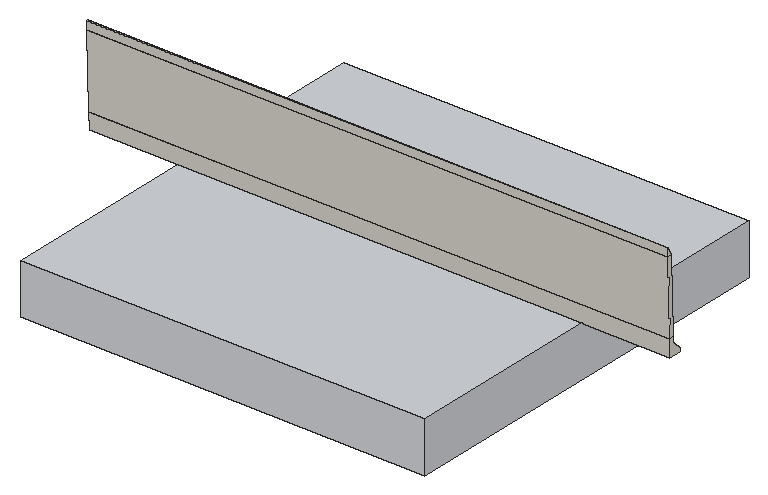
Revit family "S庇ポールなし", category 一般モデル, Revit 2020
Family settings
  ホスト = 面
  鉄筋をホスト可能 = いいえ
  丸型コネクタ寸法 = 直径を使用
  パーツ タイプ = 標準
  ロード時にボイドで切り取り = いいえ
  共有 = いいえ
  部屋計算ポイント = いいえ
Parameters
  警告：長さL [instance] = no
  警告：出幅D [instance] = no
  説明 = "スマートでスリムなデザインにより軽快感のあるシャープでシンプルな印象を与える形材庇です。施工性にも優れ、出幅サイズも豊富で10種類からお選びいただけます。"  # constant formula
  製造元 = "株式会社ツヅキ"  # constant formula
  色 = アルミニウム 6063S-T5 ステンカラー(T) (株)ツヅキ
  Default Elevation = 1219.2 mm
  断面図表記 = no
  実L寸法 [instance] = 3500 mm
  実D寸法 [instance] = 600 mm
  モデル = "グロンダート　Sシリーズ（サポートポールなし）"  # constant formula
  パネル長さ [instance] = D - 150 mm  # 450 mm
  URL = "https://tuzuki.co.jp/products/#gd"
  L [instance] = if(実L寸法 > G, G, if(実L寸法 < 500 mm, 500 mm, 実L寸法))  # 3500 mm
  G [instance] = if(D > 500 mm, 3500 mm, 4000 mm)  # 3500 mm
  D [instance] = if(実D寸法 > 600 mm, 600 mm, if(実D寸法 > 550 mm, 600 mm, if(実D寸法 > 500 mm, 550 mm, if(実D寸法 > 450 mm, 500 mm, if(実D寸法 > 400 mm, 450 mm, if(実D寸法 > 350 mm, 400 mm, if(実D寸法 > 300 mm, 350 mm, 300 mm)))))))  # 600 mm
Reference planes
  plane 1 "中心(正面/背面)": y = 0
  plane 2: z = 0
  plane 3 "中心(左/右)": x = 0
  plane 4: x = -1750
  plane 5: x = 1750
  plane 6: z = 600
  plane 7 "パネル根本": through (0, 24.718, 101.475) normal (0, 0.0349, -0.9994)
  plane 8 "パネル先端": through (0, -279.999, 541.119) normal (0, -0.0349, 0.9994)
Forms (mm)
  Extrusion 1, solid
    sketch origin (0, 0, 0) x (1, 0, 0) y (0, 1, 0)
      loop
        line (-1219.2, 1219.2) -> (-1219.2, -1219.2) -> (1219.2, -1219.2) -> (1219.2, 1219.2) -> (-1219.2, 1219.2)
    from 0 to -304.8
Dimensions and locks
  equal spacing: plane 4, plane 3 "中心(左/右)", plane 5
  "L": plane 4 to plane 5
  "D": plane 6 to level
  aligned and locked: plane 2 to Extrusion 1
  aligned and locked: level to Extrusion 1
  aligned and locked: plane 4 to nested 1
  aligned and locked: plane 4 to nested 3
  aligned and locked: plane 7 "パネル根本" to nested 1
  aligned and locked: plane 8 "パネル先端" to nested 3
Automatic sketch dimensions
  Extrusion 1 sketch curve to Extrusion 1 sketch curve = 2438.4 mm  (x2)
Nested families
  nested 1: "吊元" at (0, 0, 0), type "吊元"
    with 断面図表記 no, L 3500 mm
  nested 2: "パネル" at (0, -24.402, 99.761) x (-1, 0, 0) z (0, -0.0349, 0.9994), type "パネル"
    with 断面図表記 no, L 3500 mm, D 450 mm
  nested 3: "先端部材" at (0, -40.095, 549.488) x (1, 0, 0) z (0, -0.0349, 0.9994), type "先端部材"
    with 断面図表記 no, L 3500 mm
  nested 4: "注意表示_F庇 ポール付き" at (-387.277, -844.201, 0), type "F庇ポール付き D600-3000"
Definition of nested family "吊元"
  Parameters (values of type "吊元")
    色 = none
    Default Elevation = 1219.2 mm
    断面図表記 = yes
    L = 1800 mm
  Reference planes
    plane 1 "中心(正面/背面)": y = 0
    plane 2: z = 0
    plane 3 "中心(左/右)": x = 0
    plane 4: x = -900
    plane 5: x = 900
  Forms (mm)
    Extrusion 1, solid
      sketch origin (0, 0, 0) x (1, 0, 0) y (0, 1, 0)
        loop
          line (-1219.2, 1219.2) -> (-1219.2, -1219.2) -> (1219.2, -1219.2) -> (1219.2, 1219.2) -> (-1219.2, 1219.2)
      from 0 to -304.8
    Extrusion 2, solid, material <- "色"
      sketch origin (0, 0, 0) x (0, 1, 0) y (0, 0, 1)
        loop
          line (-11.909, 100.197) -> (-36.894, 99.325) -> (-33.427, 0) -> (39.62, 0) -> (38.843, 22.221) -> (-11.036, 75.213) -> (-11.909, 100.197)
      from -900 to 900
  Dimensions and locks
    equal spacing: plane 4, plane 3 "中心(左/右)", plane 5
    "L": plane 4 to plane 5
    aligned and locked: plane 2 to Extrusion 1
    aligned and locked: level to Extrusion 1
    aligned and locked: Extrusion 1 to import instance
    aligned and locked: plane 1 "中心(正面/背面)" to import instance
    aligned and locked: Extrusion 2 to plane 4
    aligned and locked: plane 5 to Extrusion 2
  Automatic sketch dimensions
    Extrusion 1 sketch curve to Extrusion 1 sketch curve = 2438.4 mm  (x2)
    Extrusion 2 sketch curve to level = 0 mm
    plane 1 "中心(正面/背面)" to Extrusion 2 sketch curve = 11.909 mm
    plane 1 "中心(正面/背面)" to Extrusion 2 sketch curve = 11.036 mm
    Extrusion 2 sketch curve to plane 1 "中心(正面/背面)" = 38.843 mm
    level to Extrusion 2 sketch curve = 22.221 mm
    Extrusion 2 sketch curve to Extrusion 2 sketch curve = 24.984 mm
    plane 1 "中心(正面/背面)" to Extrusion 2 sketch curve = 33.427 mm
    Extrusion 2 sketch curve to Extrusion 2 sketch curve = 24.985 mm
    Extrusion 2 sketch curve to Extrusion 2 sketch curve = 0.777 mm
    Extrusion 2 sketch curve to Extrusion 2 sketch curve = 0.872 mm
Definition of nested family "パネル"
  Parameters (values of type "パネル")
    色 = none
    Default Elevation = 1219.2 mm
    断面図表記 = yes
    L = 1800 mm
    D = 500 mm
  Reference planes
    plane 1 "中心(正面/背面)": y = 0
    plane 2: z = 0
    plane 3 "中心(左/右)": x = 0
    plane 4: z = 500
    plane 5: x = -900
    plane 6: x = 900
  Forms (mm)
    Extrusion 1, solid
      sketch origin (0, 0, 0) x (1, 0, 0) y (0, 1, 0)
        loop
          line (-1219.2, 1219.2) -> (-1219.2, -1219.2) -> (1219.2, -1219.2) -> (1219.2, 1219.2) -> (-1219.2, 1219.2)
      from 0 to -304.8
    Extrusion 2, solid, material <- "色"
      sketch origin (0, 0, 0) x (0, 1, 0) y (0, 0, 1)
        loop
          line (-12.495, 500) -> (-12.501, 0) -> (12.502, 0) -> (12.493, 500) -> (-12.495, 500)
      from -900 to 900
  Lines and regions (mm)
    model lines, visible <- "断面図表記"
      curve 1: line (0, -24.638, 0) -> (0, -25.871, 0)
      curve 2: line (0, -25.039, -0.4) -> (0, -25.039, 0.4)
  Dimensions and locks
    "D": plane 4 to level
    equal spacing: plane 5, plane 3 "中心(左/右)", plane 6
    "L": plane 5 to plane 6
    aligned and locked: plane 2 to Extrusion 1
    aligned and locked: level to Extrusion 1
    aligned and locked: import instance to Extrusion 1
    aligned and locked: plane 4 to Extrusion 2
    aligned and locked: Extrusion 2 to level
    aligned and locked: plane 6 to Extrusion 2
    aligned and locked: Extrusion 2 to plane 5
  Automatic sketch dimensions
    Extrusion 1 sketch curve to Extrusion 1 sketch curve = 2438.4 mm  (x2)
    curve 1 to level = 0 mm
    curve 2 to level = 0.4 mm
    curve 1 to curve 2 = 0.833 mm
    level to curve 2 = 0.4 mm
    curve 2 to curve 2 = 0 mm
    curve 2 to curve 1 = 0.4 mm
    plane 1 "中心(正面/背面)" to curve 1 = 25.871 mm
    Extrusion 2 sketch curve to level = 0 mm
    plane 1 "中心(正面/背面)" to Extrusion 2 sketch curve = 12.501 mm
    plane 1 "中心(正面/背面)" to Extrusion 2 sketch curve = 12.495 mm
    Extrusion 2 sketch curve to Extrusion 2 sketch curve = 0.009 mm
    Extrusion 2 sketch curve to plane 1 "中心(正面/背面)" = 12.493 mm
    Extrusion 2 sketch curve to Extrusion 2 sketch curve = 500 mm
    Extrusion 2 sketch curve to Extrusion 2 sketch curve = 0 mm
Definition of nested family "先端部材"
  Parameters (values of type "先端部材")
    色 = none
    Default Elevation = 1219.2 mm
    断面図表記 = yes
    L = 1800 mm
  Reference planes
    plane 1 "中心(正面/背面)": y = 0
    plane 2: z = 0
    plane 3 "中心(左/右)": x = 0
    plane 4: x = -900
    plane 5: x = 900
  Forms (mm)
    Extrusion 1, solid
      sketch origin (0, 0, 0) x (1, 0, 0) y (0, 1, 0)
        loop
          line (-1219.2, 1219.2) -> (-1219.2, -1219.2) -> (1219.2, -1219.2) -> (1219.2, 1219.2) -> (-1219.2, 1219.2)
      from 0 to -304.8
    Extrusion 2, solid, material <- "色"
      sketch origin (0, 0, 0) x (0, 1, 0) y (0, 0, 1)
        loop
          line (-12.501, 50) -> (-12.499, 0) -> (12.501, 0) -> (12.501, 5.001) -> (-6.5, 50) -> (-12.501, 50)
      from -900 to 900
  Dimensions and locks
    equal spacing: plane 4, plane 3 "中心(左/右)", plane 5
    "L": plane 4 to plane 5
    aligned and locked: plane 2 to Extrusion 1
    aligned and locked: level to Extrusion 1
    aligned and locked: Extrusion 1 to import instance
    aligned and locked: plane 5 to Extrusion 2
    aligned and locked: Extrusion 2 to plane 4
  Automatic sketch dimensions
    Extrusion 1 sketch curve to Extrusion 1 sketch curve = 2438.4 mm  (x2)
    plane 1 "中心(正面/背面)" to Extrusion 2 sketch curve = 6.5 mm
    level to Extrusion 2 sketch curve = 50 mm
    level to Extrusion 2 sketch curve = 0 mm
    plane 1 "中心(正面/背面)" to Extrusion 2 sketch curve = 12.499 mm
    Extrusion 2 sketch curve to Extrusion 2 sketch curve = 6 mm
    level to Extrusion 2 sketch curve = 5.001 mm
    Extrusion 2 sketch curve to plane 1 "中心(正面/背面)" = 12.501 mm
    Extrusion 2 sketch curve to Extrusion 2 sketch curve = 0 mm  (x2)
Definition of nested family "注意表示_F庇 ポール付き"
  Parameters (values of type "F庇ポール付き D600-3000")
    警告文表示 = if(or(警告：出幅D, 警告：長さL, 警告3, 警告4, 警告5, 警告6), "【警告事項】", "")  # ""
    警告文2表示 = if(or(警告：出幅D, 警告：長さL, 警告3, 警告4, 警告5, 警告6), "ご不明な点につきましては弊社までお問い合わせください。", "")  # ""
    警告文1表示 = if(or(警告：出幅D, 警告：長さL, 警告3, 警告4, 警告5, 警告6), "庇L寸法が15000mmを超える場合は10mmのシーリング目地を設けて2分割としてください。", "")  # ""
    警告6 = no
    警告5 = no
    警告4 = no
    警告：出幅D = no
    警告3 = no
    警告：長さL = no
    注意文表示 = "【注意喚起】"  # constant formula
    注意文4 = "　　ご不明な点につきましては弊社までお問い合わせください。※※"  # constant formula
    注意文3 = "※※強度計算は物件ごとに行っております。ポール位置などモデルと異なる場合がございます。"  # constant formula
    注意文2 = "製作および取付不可能なオブジェクトが作成される恐れがございます。"  # constant formula
    注意文1 = "モデルの作成につきまして、適切な数値をご入力いただけない場合、"  # constant formula
    パラメーター6 = if(警告6, "", "")  # ""
    パラメーター5 = if(警告5, "", "")  # ""
    パラメーター4 = if(警告4, "", "")  # ""
    パラメーター3 = if(警告3, "", "")  # ""
    パラメーター2 = if(警告3, "", "")  # ""
    パラメーター1 = if(警告：長さL, "", "")  # ""
  Reference planes
    plane 1: y = 0
    plane 2: x = 0
  Text (mm)
    label "注意文表示\n注意文1\n注意文2\n注意文3\n注意文4\n警告文表示\n警告文1表示\n警告文2表示\nパラメーター1\nパラメーター2\nパラメーター3\nパラメーター4\nパラメーター5\nパラメーター6" at (-24.99, 13.041, 0), shows "注意文表示", "注意文1", "注意文2", "注意文3", "注意文4", "警告文表示", "警告文1表示", "警告文2表示", "パラメーター1", "パラメーター2", "パラメーター3", "パラメーター4", "パラメーター5", "パラメーター6"
